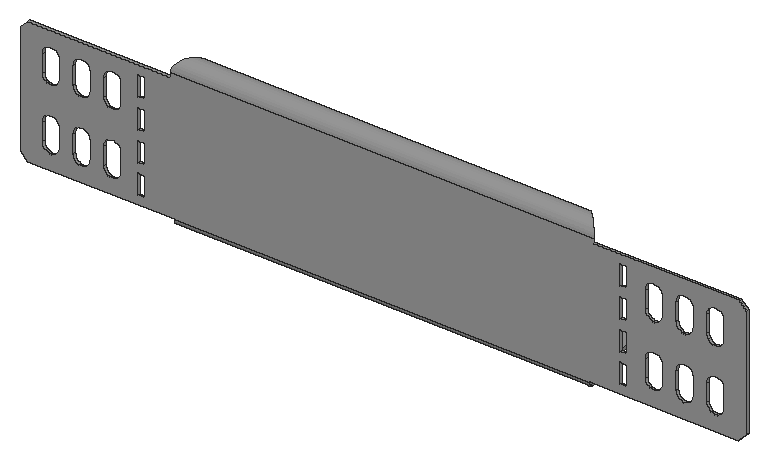
Revit family "Reduzierwinkel_Endabschluss RWEB 620 FS", category Generic Models, Revit 2017
Family settings
  Can host rebar = No
  Round Connector Dimension = Use Diameter
  Part Type = Normal
  Work Plane-Based = No
  Always vertical = Yes
  Cut with Voids When Loaded = No
  Shared = No
  Room Calculation Point = No
Parameters (values of type "RWEB 620 FS")
  URL = "http://www.obo-bettermann.com"
  Material = Strip galvanised
  Manufacturer Art.No. = "7109202"
  Manufacturer = "OBO BETTERMANN"
  GTIN = "4012196241750"
  Cut's number 2 = 3
  Cut's number = 2
  Article Type = "RWEB 620 FS"
Reference planes
  plane 1 "Center (Front/Back)": y = 0
  plane 2: z = 0
  plane 3 "Center (Left/Right)": x = 0
  plane 4: y = 12.5
  plane 5: y = 10
  plane 6: x = 295
  plane 7: x = 147.08
  plane 8: x = 73.54
  plane 9: x = 220.62
  plane 10: x = 220.83
  plane 11: x = 73.33
  plane 12: x = 73.33
  plane 13: x = 220.83
  plane 14: z = 53.304
  plane 15: z = 2.304
  plane 16: z = 27.804
  plane 17: z = 40.304
  plane 18: z = 15.304
  plane 19: x = 12.5
  plane 20: z = 27.804
  plane 21: z = 40.304
  plane 22: z = 15.304
  plane 23: x = 25.015
  plane 24: z = 27.804
  plane 25: z = 40.304
  plane 26: z = 15.304
  plane 27: x = 37.5
  plane 28: z = 2.804
  plane 29: z = 15.304
  plane 30: z = -9.696
  plane 31: x = 12.5
  plane 32: z = 2.804
  plane 33: z = 15.304
  plane 34: z = -9.696
  plane 35: x = 25.015
  plane 36: z = 2.804
  plane 37: z = 15.304
  plane 38: z = -9.696
  plane 39: x = 37.5
  plane 40: z = 27.801
  plane 41: x = 282.5
  plane 42: z = 40.301
  plane 43: z = 2.801
  plane 44: x = 282.5
  plane 45: z = 15.301
  plane 46: z = 27.801
  plane 47: x = 282.5
  plane 48: z = 40.301
  plane 49: z = 27.801
  plane 50: x = 270.027
  plane 51: z = 40.301
  plane 52: z = 2.801
  plane 53: x = 270.027
  plane 54: z = 15.301
  plane 55: z = 27.801
  plane 56: x = 257.565
  plane 57: z = 40.301
  plane 58: z = 2.801
  plane 59: x = 257.565
  plane 60: z = 15.301
  plane 61: x = 245
  plane 62: z = 5.804
  plane 63: x = 245
  plane 64: z = 17.777
  plane 65: x = 245
  plane 66: z = 29.75
  plane 67: x = 245
  plane 68: z = 41.724
  plane 69: x = 49.16
  plane 70: z = 5.804
  plane 71: x = 49.16
  plane 72: z = 17.777
  plane 73: x = 49.16
  plane 74: z = 29.75
  plane 75: x = 49.16
  plane 76: z = 41.724
  plane 77: y = 25
  plane 78: through (147.08, 25, 1200) normal (-0.7071, 0.7071, 0)
  plane 79: through (147.08, 25, 1200) normal (0.7071, -0.7071, 0)
  plane 80: y = 25
  plane 81: through (172.08, 25, 1200) normal (-0.7071, 0.7071, 0)
  plane 82: through (172.08, 25, 1200) normal (0.7071, -0.7071, 0)
  plane 83: y = 25
  plane 84: through (197.08, 25, 1200) normal (-0.7071, 0.7071, 0)
  plane 85: through (197.08, 25, 1200) normal (0.7071, -0.7071, 0)
  plane 86: y = 25
  plane 87: through (122.08, 25, 1200) normal (-0.7071, 0.7071, 0)
  plane 88: through (122.08, 25, 1200) normal (0.7071, -0.7071, 0)
  plane 89: y = 25
  plane 90: through (97.08, 25, 1200) normal (-0.7071, 0.7071, 0)
  plane 91: through (97.08, 25, 1200) normal (0.7071, -0.7071, 0)
Forms (mm)
  Extrusion 1, solid, material "Strip galvanised" <- "Material"
    sketch origin (0, 0, 0) x (0, 1, 0) y (0, 0, 1)
      loop
        line (2, 0) -> (40, 0) -> (40, 1) -> (2, 1)
        arc (2, 1) -> (1.293, 1.293) -> (1, 2) r 1
        line (1, 2) -> (1, 55)
        arc (1, 55) -> (3.247, 58.595) -> (7.463, 58.152) r 4
        line (7.463, 58.152) -> (11.793, 53.822) -> (12.5, 54.529) -> (8.129, 58.9)
        arc (8.129, 58.9) -> (2.837, 59.508) -> (0, 55) r 5
        line (0, 55) -> (0, 2)
        arc (0, 2) -> (0.586, 0.586) -> (2, 0) r 2
    from 0 to 295
  Extrusion 2, void
    sketch origin (0, 0, 0) x (1, 0, 0) y (0, 1, 0)
      loop
        line (220.62, 12.5) -> (233.12, 0) -> (295, 0) -> (295, 12.5) -> (220.62, 12.5)
      loop
        line (73.54, 12.5) -> (0, 12.5) -> (0, 0) -> (61.04, 0) -> (73.54, 12.5)
    from 53.301 to 60.716
  Extrusion 3, void
    sketch origin (0, 0, 0) x (1, 0, 0) y (0, 1, 0)
      loop
        line (73.33, 40) -> (0, 40) -> (0, 0) -> (62.612, 0) -> (73.33, 40)
      loop
        line (220.83, 40) -> (231.548, 0) -> (295, 0) -> (295, 40) -> (220.83, 40)
    from 0 to 2.304
  Extrusion 4, void
    sketch origin (0, 0, 0) x (1, 0, 0) y (0, 0, 1)
      loop
        line (295, 53.301) -> (291.999, 53.301) -> (295, 50.301) -> (295, 53.301)
      loop
        line (295, 2.304) -> (295, 5.291) -> (292.013, 2.304) -> (295, 2.304)
      loop
        line (0, 53.301) -> (0, 50.344) -> (2.957, 53.301) -> (0, 53.301)
      loop
        line (0, 2.304) -> (2.97, 2.304) -> (0, 5.273) -> (0, 2.304)
    from 0 to -1
  Extrusion 5, void
    sketch origin (0, 0, 0) x (1, 0, 0) y (0, 0, 1)
      loop
        arc (9, 36.804) -> (12.5, 33.304) -> (16, 36.804) r 3.5
        line (16, 36.804) -> (16, 43.804)
        arc (16, 43.804) -> (12.5, 47.304) -> (9, 43.804) r 3.5
        line (9, 43.804) -> (9, 36.804)
    from 0 to -1
  Extrusion 6, void
    sketch origin (12.515, 0, 0) x (1, 0, 0) y (0, 0, 1)
      loop
        arc (9, 36.804) -> (12.5, 33.304) -> (16, 36.804) r 3.5
        line (16, 36.804) -> (16, 43.804)
        arc (16, 43.804) -> (12.5, 47.304) -> (9, 43.804) r 3.5
        line (9, 43.804) -> (9, 36.804)
    from 0 to -1
  Extrusion 7, void
    sketch origin (25, 0, 0) x (1, 0, 0) y (0, 0, 1)
      loop
        arc (9, 36.804) -> (12.5, 33.304) -> (16, 36.804) r 3.5
        line (16, 36.804) -> (16, 43.804)
        arc (16, 43.804) -> (12.5, 47.304) -> (9, 43.804) r 3.5
        line (9, 43.804) -> (9, 36.804)
    from 0 to -1
  Extrusion 8, void
    sketch origin (0, 0, -25) x (1, 0, 0) y (0, 0, 1)
      loop
        arc (9, 36.804) -> (12.5, 33.304) -> (16, 36.804) r 3.5
        line (16, 36.804) -> (16, 43.804)
        arc (16, 43.804) -> (12.5, 47.304) -> (9, 43.804) r 3.5
        line (9, 43.804) -> (9, 36.804)
    from 0 to -1
  Extrusion 9, void
    sketch origin (12.515, 0, -25) x (1, 0, 0) y (0, 0, 1)
      loop
        arc (9, 36.804) -> (12.5, 33.304) -> (16, 36.804) r 3.5
        line (16, 36.804) -> (16, 43.804)
        arc (16, 43.804) -> (12.5, 47.304) -> (9, 43.804) r 3.5
        line (9, 43.804) -> (9, 36.804)
    from 0 to -1
  Extrusion 10, void
    sketch origin (25, 0, -25) x (1, 0, 0) y (0, 0, 1)
      loop
        arc (9, 36.804) -> (12.5, 33.304) -> (16, 36.804) r 3.5
        line (16, 36.804) -> (16, 43.804)
        arc (16, 43.804) -> (12.5, 47.304) -> (9, 43.804) r 3.5
        line (9, 43.804) -> (9, 36.804)
    from 0 to -1
  Extrusion 11, void
    sketch origin (0, 0, 0) x (1, 0, 0) y (0, 0, 1)
      loop
        arc (278.977, 36.813) -> (282.489, 33.301) -> (286, 36.813) r 3.511
        line (286, 36.813) -> (286, 43.79)
        arc (286, 43.79) -> (282.489, 47.301) -> (278.977, 43.79) r 3.511
        line (278.977, 43.79) -> (278.977, 36.813)
    from 0 to -1
  Extrusion 12, void
    sketch origin (0, 0, -25) x (1, 0, 0) y (0, 0, 1)
      loop
        arc (278.977, 36.813) -> (282.489, 33.301) -> (286, 36.813) r 3.511
        line (286, 36.813) -> (286, 43.79)
        arc (286, 43.79) -> (282.489, 47.301) -> (278.977, 43.79) r 3.511
        line (278.977, 43.79) -> (278.977, 36.813)
    from 0 to -1
  Extrusion 13, void, not visible
    sketch origin (0, 0, 0) x (1, 0, 0) y (0, 0, 1)
      loop
        arc (278.977, 36.813) -> (282.489, 33.301) -> (286, 36.813) r 3.511
        line (286, 36.813) -> (286, 43.79)
        arc (286, 43.79) -> (282.489, 47.301) -> (278.977, 43.79) r 3.511
        line (278.977, 43.79) -> (278.977, 36.813)
    from 0 to -250
  Extrusion 14, void
    sketch origin (-12.473, 0, 0) x (1, 0, 0) y (0, 0, 1)
      loop
        arc (278.977, 36.813) -> (282.489, 33.301) -> (286, 36.813) r 3.511
        line (286, 36.813) -> (286, 43.79)
        arc (286, 43.79) -> (282.489, 47.301) -> (278.977, 43.79) r 3.511
        line (278.977, 43.79) -> (278.977, 36.813)
    from 0 to -1
  Extrusion 15, void
    sketch origin (-12.473, 0, -25) x (1, 0, 0) y (0, 0, 1)
      loop
        arc (278.977, 36.813) -> (282.489, 33.301) -> (286, 36.813) r 3.511
        line (286, 36.813) -> (286, 43.79)
        arc (286, 43.79) -> (282.489, 47.301) -> (278.977, 43.79) r 3.511
        line (278.977, 43.79) -> (278.977, 36.813)
    from 0 to -1
  Extrusion 16, void
    sketch origin (-24.935, 0, 0) x (1, 0, 0) y (0, 0, 1)
      loop
        arc (278.977, 36.813) -> (282.489, 33.301) -> (286, 36.813) r 3.511
        line (286, 36.813) -> (286, 43.79)
        arc (286, 43.79) -> (282.489, 47.301) -> (278.977, 43.79) r 3.511
        line (278.977, 43.79) -> (278.977, 36.813)
    from 0 to -1
  Extrusion 17, void
    sketch origin (-24.935, 0, -25) x (1, 0, 0) y (0, 0, 1)
      loop
        arc (278.977, 36.813) -> (282.489, 33.301) -> (286, 36.813) r 3.511
        line (286, 36.813) -> (286, 43.79)
        arc (286, 43.79) -> (282.489, 47.301) -> (278.977, 43.79) r 3.511
        line (278.977, 43.79) -> (278.977, 36.813)
    from 0 to -1
  Extrusion 18, void
    sketch origin (0, 0, 0) x (1, 0, 0) y (0, 0, 1)
      loop
        line (243.75, 5.804) -> (246.25, 5.804) -> (246.25, 13.804) -> (243.75, 13.804) -> (243.75, 5.804)
    from 0 to -1
  Extrusion 19, void
    sketch origin (0, 0, 11.973) x (1, 0, 0) y (0, 0, 1)
      loop
        line (243.75, 5.804) -> (246.25, 5.804) -> (246.25, 13.804) -> (243.75, 13.804) -> (243.75, 5.804)
    from 0 to -1
  Extrusion 20, void
    sketch origin (0, 0, 23.946) x (1, 0, 0) y (0, 0, 1)
      loop
        line (243.75, 5.804) -> (246.25, 5.804) -> (246.25, 13.804) -> (243.75, 13.804) -> (243.75, 5.804)
    from 0 to -1
  Extrusion 21, void
    sketch origin (0, 0, 35.92) x (1, 0, 0) y (0, 0, 1)
      loop
        line (243.75, 5.804) -> (246.25, 5.804) -> (246.25, 13.804) -> (243.75, 13.804) -> (243.75, 5.804)
    from 0 to -1
  Extrusion 22, void
    sketch origin (294.16, 0, 0) x (-1, 0, 0) y (0, 0, -1)
      loop
        line (243.75, -5.804) -> (243.75, -13.804) -> (246.25, -13.804) -> (246.25, -5.804) -> (243.75, -5.804)
    from 0 to -1
  Extrusion 23, void
    sketch origin (294.16, 0, 11.973) x (-1, 0, 0) y (0, 0, -1)
      loop
        line (243.75, -5.804) -> (243.75, -13.804) -> (246.25, -13.804) -> (246.25, -5.804) -> (243.75, -5.804)
    from 0 to -1
  Extrusion 24, void
    sketch origin (294.16, 0, 23.946) x (-1, 0, 0) y (0, 0, -1)
      loop
        line (243.75, -5.804) -> (243.75, -13.804) -> (246.25, -13.804) -> (246.25, -5.804) -> (243.75, -5.804)
    from 0 to -1
  Extrusion 25, void
    sketch origin (294.16, 0, 35.92) x (-1, 0, 0) y (0, 0, -1)
      loop
        line (243.75, -5.804) -> (243.75, -13.804) -> (246.25, -13.804) -> (246.25, -5.804) -> (243.75, -5.804)
    from 0 to -1
  Extrusion 26, void
    sketch origin (0, 0, 0) x (1, 0, 0) y (0, 1, 0)
      loop
        arc (158.113, 31.083) -> (158.394, 36.314) -> (153.163, 36.033) r 3.52
        line (153.163, 36.033) -> (135.761, 18.63)
        arc (135.761, 18.63) -> (135.761, 13.681) -> (140.71, 13.681) r 3.5
        line (140.71, 13.681) -> (158.113, 31.083)
    from 1 to 0
  Extrusion 27, void
    sketch origin (25, 0, 0) x (1, 0, 0) y (0, 1, 0)
      loop
        arc (158.113, 31.083) -> (158.394, 36.314) -> (153.163, 36.033) r 3.52
        line (153.163, 36.033) -> (135.761, 18.63)
        arc (135.761, 18.63) -> (135.761, 13.681) -> (140.71, 13.681) r 3.5
        line (140.71, 13.681) -> (158.113, 31.083)
    from 1 to 0
  Extrusion 28, void
    sketch origin (50, 0, 0) x (1, 0, 0) y (0, 1, 0)
      loop
        arc (158.113, 31.083) -> (158.394, 36.314) -> (153.163, 36.033) r 3.52
        line (153.163, 36.033) -> (135.761, 18.63)
        arc (135.761, 18.63) -> (135.761, 13.681) -> (140.71, 13.681) r 3.5
        line (140.71, 13.681) -> (158.113, 31.083)
    from 1 to 0
  Extrusion 29, void
    sketch origin (-25, 0, 0) x (1, 0, 0) y (0, 1, 0)
      loop
        arc (158.113, 31.083) -> (158.394, 36.314) -> (153.163, 36.033) r 3.52
        line (153.163, 36.033) -> (135.761, 18.63)
        arc (135.761, 18.63) -> (135.761, 13.681) -> (140.71, 13.681) r 3.5
        line (140.71, 13.681) -> (158.113, 31.083)
    from 1 to 0
  Extrusion 30, void
    sketch origin (-50, 0, 0) x (1, 0, 0) y (0, 1, 0)
      loop
        arc (158.113, 31.083) -> (158.394, 36.314) -> (153.163, 36.033) r 3.52
        line (153.163, 36.033) -> (135.761, 18.63)
        arc (135.761, 18.63) -> (135.761, 13.681) -> (140.71, 13.681) r 3.5
        line (140.71, 13.681) -> (158.113, 31.083)
    from 1 to 0
Cuts and joins
  Extrusion 2, Extrusion 3, Extrusion 4, Extrusion 5, Extrusion 6, Extrusion 7, Extrusion 8, Extrusion 9, Extrusion 10, Extrusion 11, Extrusion 12, Extrusion 14, Extrusion 15, Extrusion 16, Extrusion 17, Extrusion 18, Extrusion 19, Extrusion 20, Extrusion 21, Extrusion 22, Extrusion 23, Extrusion 24, Extrusion 25, Extrusion 26, Extrusion 27, Extrusion 28, Extrusion 29, Extrusion 30 cuts Extrusion 1
Dimensions and locks
  locked: Extrusion 1 sketch curve to Extrusion 1 sketch curve at 12.5
  locked: plane 1 "Center (Front/Back)" to Extrusion 1 sketch curve at 40
  locked: Extrusion 1 sketch curve to Extrusion 1 sketch curve at 1  (x3)
  locked: Extrusion 1 sketch curve to Extrusion 1 sketch curve at 53.822
  locked: Extrusion 1 sketch curve to Extrusion 1 sketch curve at 60
  locked: plane 6 to plane 3 "Center (Left/Right)" at 295
  locked: plane 3 "Center (Left/Right)" to plane 7 at 147.08
  Extrusion 3 to plane 1 "Center (Front/Back)" = 40 mm
  plane 15 to plane 14 = 51 mm
  locked: Extrusion 5 sketch curve to Extrusion 5 sketch curve at 7
  locked: plane 19 to Extrusion 5 sketch curve at 3.5
  locked: Extrusion 5 sketch curve to plane 17 at 7
  locked: plane 17 to Extrusion 5 sketch curve at 7
  cut or joined group 1 (Extrusion 1, Extrusion 2, Extrusion 3, Extrusion 4, Extrusion 5, Extrusion 6, Extrusion 7, Extrusion 8, Extrusion 9, Extrusion 10, Extrusion 11, Extrusion 12, Extrusion 14, Extrusion 15, Extrusion 16, Extrusion 17, Extrusion 18, Extrusion 19, Extrusion 20, Extrusion 21, Extrusion 22, Extrusion 23, Extrusion 24, Extrusion 25, Extrusion 26, Extrusion 27, Extrusion 28, Extrusion 29, Extrusion 30) to Extrusion 5 sketch curve = 9 mm
  locked: Extrusion 6 sketch curve to Extrusion 6 sketch curve at 7
  locked: plane 23 to Extrusion 6 sketch curve at 3.5
  locked: Extrusion 6 sketch curve to plane 21 at 7
  locked: plane 21 to Extrusion 6 sketch curve at 7
  locked: Extrusion 7 sketch curve to Extrusion 7 sketch curve at 7
  locked: plane 27 to Extrusion 7 sketch curve at 3.5
  locked: Extrusion 7 sketch curve to plane 25 at 7
  locked: plane 25 to Extrusion 7 sketch curve at 7
  locked: Extrusion 8 sketch curve to Extrusion 8 sketch curve at 7
  locked: plane 31 to Extrusion 8 sketch curve at 3.5
  locked: Extrusion 8 sketch curve to plane 29 at 7
  locked: plane 29 to Extrusion 8 sketch curve at 7
  locked: Extrusion 9 sketch curve to Extrusion 9 sketch curve at 7
  locked: plane 35 to Extrusion 9 sketch curve at 3.5
  locked: Extrusion 9 sketch curve to plane 33 at 7
  locked: plane 33 to Extrusion 9 sketch curve at 7
  locked: Extrusion 10 sketch curve to Extrusion 10 sketch curve at 7
  locked: plane 39 to Extrusion 10 sketch curve at 3.5
  locked: Extrusion 10 sketch curve to plane 37 at 7
  locked: plane 37 to Extrusion 10 sketch curve at 7
  cut or joined group 1 to plane 40 = 25.5 mm
  locked: Extrusion 11 sketch curve to Extrusion 11 sketch curve at 7.023
  locked: plane 41 to Extrusion 11 sketch curve at 3.523
  locked: Extrusion 11 sketch curve to plane 42 at 7
  locked: plane 42 to Extrusion 11 sketch curve at 7
  locked: Extrusion 12 sketch curve to Extrusion 12 sketch curve at 7.023
  locked: plane 44 to Extrusion 12 sketch curve at 3.523
  locked: Extrusion 12 sketch curve to plane 45 at 7
  locked: plane 45 to Extrusion 12 sketch curve at 7
  locked: Extrusion 13 sketch curve to Extrusion 13 sketch curve at 7.023
  locked: plane 47 to Extrusion 13 sketch curve at 3.523
  locked: Extrusion 13 sketch curve to plane 48 at 7
  locked: plane 48 to Extrusion 13 sketch curve at 7
  locked: Extrusion 14 sketch curve to Extrusion 14 sketch curve at 7.023
  locked: plane 50 to Extrusion 14 sketch curve at 3.523
  locked: Extrusion 14 sketch curve to plane 51 at 7
  locked: plane 51 to Extrusion 14 sketch curve at 7
  locked: Extrusion 15 sketch curve to Extrusion 15 sketch curve at 7.023
  locked: plane 53 to Extrusion 15 sketch curve at 3.523
  locked: Extrusion 15 sketch curve to plane 54 at 7
  locked: plane 54 to Extrusion 15 sketch curve at 7
  locked: Extrusion 16 sketch curve to Extrusion 16 sketch curve at 7.023
  locked: plane 56 to Extrusion 16 sketch curve at 3.523
  locked: Extrusion 16 sketch curve to plane 57 at 7
  locked: plane 57 to Extrusion 16 sketch curve at 7
  locked: Extrusion 17 sketch curve to Extrusion 17 sketch curve at 7.023
  locked: plane 59 to Extrusion 17 sketch curve at 3.523
  locked: Extrusion 17 sketch curve to plane 60 at 7
  locked: plane 60 to Extrusion 17 sketch curve at 7
  cut or joined group 1 to plane 61 = 50 mm
  locked: Extrusion 18 sketch curve to plane 61 at 1.25
  locked: Extrusion 18 sketch curve to Extrusion 18 sketch curve at 8
  locked: Extrusion 19 sketch curve to plane 63 at 1.25
  locked: Extrusion 19 sketch curve to Extrusion 19 sketch curve at 8
  locked: Extrusion 20 sketch curve to plane 65 at 1.25
  locked: Extrusion 20 sketch curve to Extrusion 20 sketch curve at 8
  locked: Extrusion 21 sketch curve to plane 67 at 1.25
  locked: Extrusion 21 sketch curve to Extrusion 21 sketch curve at 8
  locked: Extrusion 22 sketch curve to plane 69 at 1.25
  locked: Extrusion 22 sketch curve to Extrusion 22 sketch curve at 8
  locked: Extrusion 23 sketch curve to plane 71 at 1.25
  locked: Extrusion 23 sketch curve to Extrusion 23 sketch curve at 8
  locked: Extrusion 24 sketch curve to plane 73 at 1.25
  locked: Extrusion 24 sketch curve to Extrusion 24 sketch curve at 8
  locked: Extrusion 25 sketch curve to plane 75 at 1.25
  locked: Extrusion 25 sketch curve to Extrusion 25 sketch curve at 8
  equal spacing: group 2, group 3, group 4  (x3)
  equal spacing: group 6, group 5, group 2
  equal spacing: group 2, group 5, group 6  (x2)
  locked: Extrusion 1 sketch curve to Extrusion 1 sketch curve (angle 45.00°)
  locked: plane 1 "Center (Front/Back)" to Extrusion 2 sketch curve (angle 45.00°)
  locked: Extrusion 2 sketch curve to plane 1 "Center (Front/Back)" (angle 45.00°)
  aligned and locked: level to plane 2
  aligned and locked: Extrusion 1 to level
  aligned and locked: plane 1 "Center (Front/Back)" to Extrusion 1
  aligned and locked: plane 6 to Extrusion 1
  aligned and locked: Extrusion 1 to plane 3 "Center (Left/Right)"
  aligned and locked: plane 1 "Center (Front/Back)" to Extrusion 2
  aligned and locked: Extrusion 3 to level
  aligned and locked: Extrusion 3 to plane 15
  aligned and locked: Extrusion 1 to plane 2
  aligned and locked: plane 1 "Center (Front/Back)" to Extrusion 4
  aligned and locked: Extrusion 1 to Extrusion 4
  aligned and locked: plane 1 "Center (Front/Back)" to Extrusion 5
  aligned and locked: Extrusion 1 to Extrusion 5
  aligned and locked: Extrusion 1 to Extrusion 16
  aligned and locked: Extrusion 1 to Extrusion 11
  aligned and locked: Extrusion 1 to Extrusion 14
  aligned and locked: Extrusion 1 to Extrusion 12
  aligned and locked: Extrusion 1 to Extrusion 15
  aligned and locked: Extrusion 1 to Extrusion 17
  aligned and locked: Extrusion 1 to Extrusion 18
  aligned and locked: Extrusion 2 to Extrusion 1
  aligned and locked: Extrusion 26 to level
  aligned and locked: Extrusion 1 to Extrusion 26
Automatic sketch dimensions
  plane 61 to Extrusion 18 sketch curve = 1.25 mm
  Extrusion 18 sketch curve to plane 62 = 0 mm
  plane 63 to Extrusion 19 sketch curve = 1.25 mm
  Extrusion 19 sketch curve to plane 64 = 0 mm
  plane 65 to Extrusion 20 sketch curve = 1.25 mm
  Extrusion 20 sketch curve to plane 66 = 0 mm
  plane 67 to Extrusion 21 sketch curve = 1.25 mm
  Extrusion 21 sketch curve to plane 68 = 0 mm
  Extrusion 1 sketch curve to Extrusion 1 sketch curve = 0 mm  (x4)
  Extrusion 1 sketch curve to plane 1 "Center (Front/Back)" = 0 mm
  Extrusion 1 sketch curve to level = 0 mm
  Extrusion 1 sketch curve to Extrusion 1 sketch curve = 1 mm
  Extrusion 1 sketch curve to Extrusion 1 sketch curve = 4 mm
  Extrusion 2 sketch curve to plane 3 "Center (Left/Right)" = 0 mm
  plane 1 "Center (Front/Back)" to Extrusion 2 sketch curve = 0 mm  (x2)
  Extrusion 2 sketch curve to plane 8 = 0 mm
  Extrusion 2 sketch curve to plane 9 = 0 mm
  Extrusion 2 sketch curve to plane 6 = 0 mm
  Extrusion 2 sketch curve to plane 8 = 12.5 mm
  plane 9 to Extrusion 2 sketch curve = 12.5 mm
  plane 1 "Center (Front/Back)" to Extrusion 3 sketch curve = 0 mm  (x2)
  Extrusion 3 sketch curve to plane 3 "Center (Left/Right)" = 0 mm
  Extrusion 3 sketch curve to plane 11 = 0 mm
  Extrusion 3 sketch curve to plane 10 = 0 mm
  Extrusion 3 sketch curve to plane 6 = 0 mm
  Extrusion 3 sketch curve to plane 11 = 10.718 mm
  plane 10 to Extrusion 3 sketch curve = 10.718 mm
  Extrusion 3 sketch curve to plane 1 "Center (Front/Back)" = 40 mm  (x2)
  Extrusion 4 sketch curve to plane 3 "Center (Left/Right)" = 0 mm  (x2)
  Extrusion 4 sketch curve to plane 15 = 0 mm  (x2)
  Extrusion 4 sketch curve to plane 6 = 0 mm  (x2)
  plane 14 to Extrusion 4 sketch curve = 0.003 mm  (x2)
  plane 3 "Center (Left/Right)" to Extrusion 4 sketch curve = 2.957 mm
  plane 3 "Center (Left/Right)" to Extrusion 4 sketch curve = 2.97 mm
  Extrusion 4 sketch curve to Extrusion 4 sketch curve = 3.001 mm  (x2)
  Extrusion 4 sketch curve to plane 6 = 2.987 mm
  plane 15 to Extrusion 4 sketch curve = 2.97 mm
  plane 15 to Extrusion 4 sketch curve = 2.987 mm
  Extrusion 4 sketch curve to Extrusion 4 sketch curve = 2.957 mm
  Extrusion 22 sketch curve to plane 70 = 0 mm
  plane 69 to Extrusion 22 sketch curve = 1.25 mm
  Extrusion 23 sketch curve to plane 72 = 0 mm
  plane 71 to Extrusion 23 sketch curve = 1.25 mm
  Extrusion 24 sketch curve to plane 74 = 0 mm
  plane 73 to Extrusion 24 sketch curve = 1.25 mm
  Extrusion 25 sketch curve to plane 76 = 0 mm
  Extrusion 25 sketch curve to plane 75 = 1.25 mm
  Extrusion 26 sketch curve to plane 78 = 0 mm  (x2)
  Extrusion 26 sketch curve to plane 77 = 6.37 mm
  Extrusion 26 sketch curve to Extrusion 26 sketch curve = 2.475 mm
  plane 77 to Extrusion 26 sketch curve = 6.083 mm
  Extrusion 26 sketch curve to Extrusion 26 sketch curve = 2.742 mm
  plane 78 to Extrusion 26 sketch curve = 3.5 mm
  Extrusion 26 sketch curve to plane 77 = 11.319 mm
  Extrusion 27 sketch curve to plane 81 = 0 mm  (x2)
  Extrusion 27 sketch curve to plane 80 = 6.37 mm
  Extrusion 27 sketch curve to Extrusion 27 sketch curve = 2.475 mm
  plane 80 to Extrusion 27 sketch curve = 6.083 mm
  Extrusion 27 sketch curve to Extrusion 27 sketch curve = 2.742 mm
  plane 81 to Extrusion 27 sketch curve = 3.5 mm
  Extrusion 27 sketch curve to plane 80 = 11.319 mm
  Extrusion 28 sketch curve to plane 84 = 0 mm  (x2)
  Extrusion 28 sketch curve to plane 83 = 6.37 mm
  Extrusion 28 sketch curve to Extrusion 28 sketch curve = 2.475 mm
  plane 83 to Extrusion 28 sketch curve = 6.083 mm
  Extrusion 28 sketch curve to Extrusion 28 sketch curve = 2.742 mm
  plane 84 to Extrusion 28 sketch curve = 3.5 mm
  Extrusion 28 sketch curve to plane 83 = 11.319 mm
  Extrusion 29 sketch curve to plane 87 = 0 mm  (x2)
  Extrusion 29 sketch curve to plane 86 = 6.37 mm
  Extrusion 29 sketch curve to Extrusion 29 sketch curve = 2.475 mm
  plane 86 to Extrusion 29 sketch curve = 6.083 mm
  Extrusion 29 sketch curve to Extrusion 29 sketch curve = 2.742 mm
  plane 87 to Extrusion 29 sketch curve = 3.5 mm
  Extrusion 29 sketch curve to plane 86 = 11.319 mm
  Extrusion 30 sketch curve to plane 90 = 0 mm  (x2)
  Extrusion 30 sketch curve to plane 89 = 6.37 mm
  Extrusion 30 sketch curve to Extrusion 30 sketch curve = 2.475 mm
  plane 89 to Extrusion 30 sketch curve = 6.083 mm
  Extrusion 30 sketch curve to Extrusion 30 sketch curve = 2.742 mm
  plane 90 to Extrusion 30 sketch curve = 3.5 mm
  Extrusion 30 sketch curve to plane 89 = 11.319 mm
